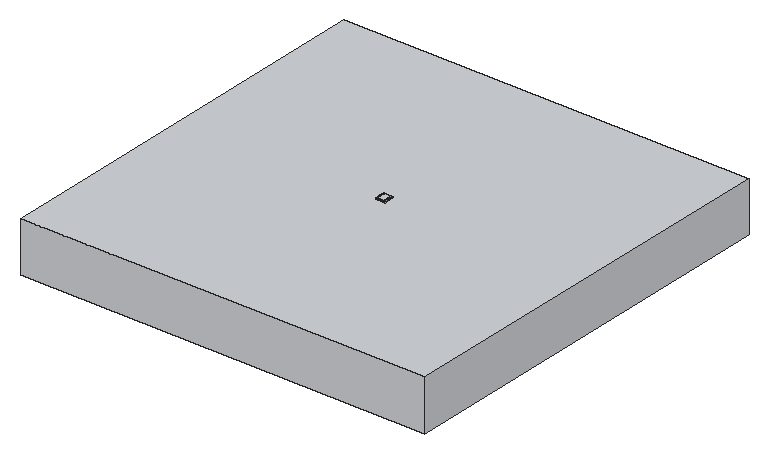
Revit family "Gira_510100", category Allgemeines Modell, Revit 2017
Family settings
  Basisbauteil = Fläche
  Kann Basisbauteil für Bewehrung sein = Nein
  Bemaßung runder Anschluss = Durchmesser verwenden
  Teiletyp = Normal
  Beim Laden mit Abzugskörper schneiden = Nein
  Gemeinsam genutzt = Nein
  Raumberechnungspunkt = Nein
Parameters (values of type "RF Tastsens.1f KNX")
  Werkstoffgüte = "sonstige"
  Werkstoff Text = "sonstige"
  Default Elevation = 1219.2 mm
  URL = "https://www.gira.de/"
  Typname = "RF Tastsens.1f KNX"
  Type Comments = ""
  Transparent = no
  Schutzart (IP) = "IP20"
  Produktseite = "https://media.stage.bim.site/t/eyJhbGciOiJIUzI1NiIsInR5cCI6IkpXVCJ9.eyJjdCI6MiwidHUiOiJodHRwOi8va2F0YWxvZy5naXJhLmRlL2RlX0RFL2RhdGVuYmxhdHQuaHRtbD9hcnRpa2VsbnI9NTEwMTAwIiwiY2lkIjoiMzI3N2NjMjMtODFhOS00ZWUzLWE5MGEtYjQ3YmI0YzBiNjE2IiwicmlkIjoiZjRhZmQ2Y2NjODgwZTE0MTI4NGNjZjU4OTg2MTE2MjEiLCJwaWQiOiJjMWJhZDg5Yzk4YTU0M2FjNjExYmU2NGEwM2YyNzg3N2JiOTA3MTc1Iiwic2lkIjoiNjM0NzAiLCJ1dCI6MSwibGMiOiJkZSIsImlhdCI6MTYwMDkyNTc1NCwiaXNzIjoiaHR0cHM6Ly9hcGkubGl2ZS5iaW0uc2l0ZSIsInN1YiI6ImFkbWluQGJpbXNpdGUuZGV2In0.Bbs_h3m5WfP1YVMqnSX7GIrXb9fcYENZ2GHnvtpZ2Mo"
  Oberfläche Text = "sonstige"
  Montageart = "Unterputz"
  Model = ""
  Mit Raumthermostat = no
  Mit LED-Anzeige = yes
  Mit Infrarotsensor = no
  Mit Display = no
  Mit Diebstahl-/Demontageschutz = no
  Mit Busankopplung = no
  Mit Beschriftungsfeld = no
  Kosten = 0
  Hersteller = "Gira"
  HeinzeBIM = "https://www.heinze.de/bim/rf-tastsens-1f-knx/c1bad89c98a543ac611be64a03f27877bb907175"
  HAN = "510100"
  GTIN = "4010337017240"
  Farbe = "sonstige"
  Datenblatt 1 = "https://media.stage.bim.site/t/eyJhbGciOiJIUzI1NiIsInR5cCI6IkpXVCJ9.eyJjdCI6MSwidGYiOiJwdWJsaWMvZ2lyYS9hZThjNTU3LzUxMDEwMC50eHQiLCJjaWQiOiIzMjc3Y2MyMy04MWE5LTRlZTMtYTkwYS1iNDdiYjRjMGI2MTYiLCJyaWQiOiJmNGFmZDZjY2M4ODBlMTQxMjg0Y2NmNTg5ODYxMTYyMSIsInBpZCI6ImMxYmFkODljOThhNTQzYWM2MTFiZTY0YTAzZjI3ODc3YmI5MDcxNzUiLCJzaWQiOiI2MzQ3MCIsInV0IjoxLCJsYyI6ImRlIiwiaWF0IjoxNjAwOTI1NzU0LCJpc3MiOiJodHRwczovL2FwaS5saXZlLmJpbS5zaXRlIiwic3ViIjoiYWRtaW5AYmltc2l0ZS5kZXYifQ.iVSW4jCazJcIl9b9iH_3UkSvMYHVsnG5hO6Fto7fVd4/510100.txt"
  Datenblatt = "https://media.stage.bim.site/t/eyJhbGciOiJIUzI1NiIsInR5cCI6IkpXVCJ9.eyJjdCI6MSwidHUiOiJodHRwczovL2thdGFsb2cuZ2lyYS5kZS9kZV9ERS9kb3dubG9hZC5odG1sP2FydGlrZWxucj01MTAxMDAiLCJjaWQiOiIzMjc3Y2MyMy04MWE5LTRlZTMtYTkwYS1iNDdiYjRjMGI2MTYiLCJyaWQiOiJmNGFmZDZjY2M4ODBlMTQxMjg0Y2NmNTg5ODYxMTYyMSIsInBpZCI6ImMxYmFkODljOThhNTQzYWM2MTFiZTY0YTAzZjI3ODc3YmI5MDcxNzUiLCJzaWQiOiI2MzQ3MCIsInV0IjoxLCJsYyI6ImRlIiwiaWF0IjoxNjAwOTI1NzU0LCJpc3MiOiJodHRwczovL2FwaS5saXZlLmJpbS5zaXRlIiwic3ViIjoiYWRtaW5AYmltc2l0ZS5kZXYifQ.sGhD2GWE8Ay626cEpX4WxlbT7zwMehBOw3e-znx92Tc"
  Bussystem Powernet = no
  Bussystem LON = no
  Bussystem KNX-Funk = yes
  Bussystem KNX = yes
  Bussystem Funkbus = no
  Beschreibung = "KNX RF Tastsensor 1fach System 55 Inbetriebnahme-Wippe Die KNX RF Tastsensoren senden bei Tastenbetätigung in Abhängigkeit der Parametereinstellung bei geladenem Applikationsprogramm drahtlos KNX Telegramme aus. Dies können bspw. Telegramme zum Schalten oder Tasten, zum Dimmen oder zur Jalousiesteuerung sein. Auch ist es möglich, Wertgeberfunktionen zu programmieren (Dimmwertgeber und Szenennebenstellen).  Merkmale:  Bestätigungsfunktion sowie Sende- und Statusanzeige über 2-farbige LED (rot grün) separat für jede Taste durch 2-stufige Anzeigefunktion.  Statusanzeige optional über separate 1-Bit-Status-Kommunikationsobjekte.  Sende- und Bestätigungsanzeige abschaltbar.  Auf Wänden kann der Tastsensor mittels Schrauben befestigt bzw. auf glatten oder transparenten Oberflächen mit einer Montageplatte aufgeklebt werden.  Projektierung, Inbetriebnahme und Parametrierung erfolgen über ETS (Version 5 oder neuer).  Batteriebetriebenes Gerät. Funktion Schalten\":  Wippen- oder Tastenfunktion.  Befehl beim Drücken und beim Loslassen parametrierbar (EIN, AUS, UM, keine Reaktion). Funktion \"Dimmen\":  Wippenfunktion.  Befehl beim Drücken der Wippe (rechte und linke Taste) parametrierbar (heller - EIN, dunkler - AUS). Funktion \"Jalousie\":  Wippenfunktion.  Befehl beim Drücken der Wippe (rechte und linke Taste) parametrierbar (AUF, AB, UM).  Zeit zwischen Kurz- und Langzeitbefehl parametrierbar. Funktionen \"Wertgeber\" und \"Szenennebenstelle\":  Wippenfunktion.  Befehl beim Drücken der Wippe (rechte und linke Taste) parametrierbar (Werte 0 bis 255, 0 bis 100% oder Szenennummer).  Bei Szenennebenstelle: Speicherfunktion möglich.  Hinweise :  Batterien sind Verbrauchsgüter und müssen regelmäßig ersetzt werden. Bitte beachten Sie die Vorschriften zur Entsorgung von gebrauchten Batterien.  Der Tastsensor wird mit einer programmneutralen Inbetriebnahme-Wippe geliefert. Das passende Wippenset zum Schalterprogramm ist separat zu bestellen.  Bei Verwendung von Wippensets und oder Abdeckrahmen kann es zu Reichweiteneinbußen kommen.\""
  Assembly Code = ""
  Keynote = ""
  BIMSITE_PRODUCT_ID = "c1bad89c98a543ac611be64a03f27877bb907175"
  BIM = "https://media.stage.bim.site/t/eyJhbGciOiJIUzI1NiIsInR5cCI6IkpXVCJ9.eyJjdCI6MSwidGYiOiJwdWJsaWMvZ2lyYS9hZThjNTU3L1NZUzU1X1Rhc3RzZW5zb3IucmZhIiwiY2lkIjoiMzI3N2NjMjMtODFhOS00ZWUzLWE5MGEtYjQ3YmI0YzBiNjE2IiwicmlkIjoiZjRhZmQ2Y2NjODgwZTE0MTI4NGNjZjU4OTg2MTE2MjEiLCJwaWQiOiJjMWJhZDg5Yzk4YTU0M2FjNjExYmU2NGEwM2YyNzg3N2JiOTA3MTc1Iiwic2lkIjoiNjM0NzAiLCJ1dCI6NSwibGMiOiJkZSIsImlhdCI6MTYwMDkyNTc1NCwiaXNzIjoiaHR0cHM6Ly9hcGkubGl2ZS5iaW0uc2l0ZSIsInN1YiI6ImFkbWluQGJpbXNpdGUuZGV2In0.jOHMliCIuY8vDORULTQm8xQJfsaHBnDiJq8RYMvLfHk/SYS55_Tastsensor.rfa"
  Ausführung der Oberfläche = "nicht zutreffend"
  Anzahl der Tasten = 1
  Anzahl der Betätigungspunkte = 1
  Andere Bussysteme = "ohne"
Reference planes
  plane 1 "Center (Front/Back)": y = 0
  plane 2: z = 0
  plane 3 "Center (Left/Right)": x = 0
Forms (mm)
  Extrusion 1, solid
    sketch origin (0, 0, 0) x (1, 0, 0) y (0, 1, 0)
      loop
        line (-1219.2, 1219.2) -> (-1219.2, -1219.2) -> (1219.2, -1219.2) -> (1219.2, 1219.2) -> (-1219.2, 1219.2)
    from 0 to -304.8
  Extrusion 2, solid, detail levels fine
    sketch origin (0, 0, 0) x (1, 0, 0) y (0, 1, 0)
      loop
        line (-6.6, -21.3) -> (-6.6, -16) -> (6.6, -16) -> (6.6, -21.3) -> (7.4, -21.3) -> (7.4, -15.2) -> (-7.4, -15.2) -> (-7.4, -21.3) -> (-6.6, -21.3)
    from -9.5 to -1.5
  Extrusion 3, solid, detail levels fine
    sketch origin (0, 0, 0) x (1, 0, 0) y (0, 1, 0)
      loop
        circle (-5.08, -17.5) r 0.5
      loop
        circle (-2.54, -17.48) r 0.5
      loop
        circle (0, -17.5) r 0.5
      loop
        circle (2.54, -17.48) r 0.5
      loop
        circle (5.08, -17.5) r 0.5
      loop
        circle (5.08, -20.04) r 0.5
      loop
        circle (2.54, -20.02) r 0.5
      loop
        circle (0, -20.04) r 0.5
      loop
        circle (-2.54, -20.02) r 0.5
      loop
        circle (-5.08, -20.04) r 0.5
    from -8.48 to -1.5
  Extrusion 4, solid, detail levels fine
    sketch origin (0, 0, 0) x (1, 0, 0) y (0, 1, 0)
      loop
        arc (-23.95, -19.15) -> (-22.544, -22.544) -> (-19.15, -23.95) r 4.8
        line (-19.15, -23.95) -> (19.15, -23.95)
        arc (19.15, -23.95) -> (22.544, -22.544) -> (23.95, -19.15) r 4.8
        line (23.95, -19.15) -> (23.95, 19.15)
        arc (23.95, 19.15) -> (22.544, 22.544) -> (19.15, 23.95) r 4.8
        line (19.15, 23.95) -> (-19.15, 23.95)
        arc (-19.15, 23.95) -> (-22.544, 22.544) -> (-23.95, 19.15) r 4.8
        line (-23.95, 19.15) -> (-23.95, -19.15)
    from -1.5 to 0.5
  Extrusion 5, solid, detail levels fine
    sketch origin (0, 0, 0) x (1, 0, 0) y (0, 1, 0)
      loop
        line (27.6, -27.7) -> (27.6, -26.6) -> (26.1, -26.6) -> (26.1, -10.4) -> (27.45, -10.4) -> (27.45, -8.1) -> (26.1, -8.1) -> (26.1, 8.1) -> (27.45, 8.1) -> (27.45, 10.4) -> (26.1, 10.4) -> (26.1, 26.6) -> (27.6, 26.6) -> (27.6, 27.7) -> (-27.6, 27.7) -> (-27.6, 26.6) -> (-26.1, 26.6) -> (-26.1, 10.4) -> (-27.45, 10.4) -> (-27.45, 8.1) -> (-26.1, 8.1) -> (-26.1, -8.1) -> (-27.45, -8.1) -> (-27.45, -10.4) -> (-26.1, -10.4) -> (-26.1, -26.6) -> (-27.6, -26.6) -> (-27.6, -27.7) -> (27.6, -27.7)
    from 0 to 5.44
  Extrusion 6, solid, detail levels fine
    sketch origin (0, 0, 0) x (0, 1, 0) y (0, 0, 1)
      loop
        arc (15.5, 5.92) -> (15.146, 5.774) -> (15, 5.42) r 0.5
        line (15, 5.42) -> (15, 3.62)
        arc (15, 3.62) -> (15.146, 3.267) -> (15.5, 3.12) r 0.5
        line (15.5, 3.12) -> (21.5, 3.12)
        arc (21.5, 3.12) -> (21.854, 3.267) -> (22, 3.62) r 0.5
        line (22, 3.62) -> (22, 5.42)
        arc (22, 5.42) -> (21.854, 5.774) -> (21.5, 5.92) r 0.5
        line (21.5, 5.92) -> (15.5, 5.92)
      loop
        line (11.4, 1.3) -> (25.6, 1.3)
        arc (25.6, 1.3) -> (25.954, 1.446) -> (26.1, 1.8) r 0.5
        line (26.1, 1.8) -> (26.1, 5.7) -> (27.65, 5.7) -> (27.635, 7.4) -> (-27.635, 7.4) -> (-27.65, 5.7) -> (-26.1, 5.7) -> (-26.1, 1.8)
        arc (-26.1, 1.8) -> (-25.954, 1.446) -> (-25.6, 1.3) r 0.5
        line (-25.6, 1.3) -> (-11.4, 1.3)
        arc (-11.4, 1.3) -> (-11.046, 1.446) -> (-10.9, 1.8) r 0.5
        line (-10.9, 1.8) -> (-10.9, 5.7) -> (-8.05, 5.7) -> (-8.05, 1.8)
        arc (-8.05, 1.8) -> (-7.904, 1.446) -> (-7.55, 1.3) r 0.5
        line (-7.55, 1.3) -> (7.55, 1.3)
        arc (7.55, 1.3) -> (7.904, 1.446) -> (8.05, 1.8) r 0.5
        line (8.05, 1.8) -> (8.05, 5.7) -> (10.9, 5.7) -> (10.9, 1.8)
        arc (10.9, 1.8) -> (11.046, 1.446) -> (11.4, 1.3) r 0.5
      loop
        line (3, 5.92) -> (-3, 5.92)
        arc (-3, 5.92) -> (-3.354, 5.774) -> (-3.5, 5.42) r 0.5
        line (-3.5, 5.42) -> (-3.5, 3.62)
        arc (-3.5, 3.62) -> (-3.354, 3.267) -> (-3, 3.12) r 0.5
        line (-3, 3.12) -> (3, 3.12)
        arc (3, 3.12) -> (3.354, 3.267) -> (3.5, 3.62) r 0.5
        line (3.5, 3.62) -> (3.5, 5.42)
        arc (3.5, 5.42) -> (3.354, 5.774) -> (3, 5.92) r 0.5
      loop
        arc (-15.5, 3.12) -> (-15.146, 3.267) -> (-15, 3.62) r 0.5
        line (-15, 3.62) -> (-15, 5.42)
        arc (-15, 5.42) -> (-15.146, 5.774) -> (-15.5, 5.92) r 0.5
        line (-15.5, 5.92) -> (-21.5, 5.92)
        arc (-21.5, 5.92) -> (-21.854, 5.774) -> (-22, 5.42) r 0.5
        line (-22, 5.42) -> (-22, 3.62)
        arc (-22, 3.62) -> (-21.854, 3.267) -> (-21.5, 3.12) r 0.5
        line (-21.5, 3.12) -> (-15.5, 3.12)
    from -27.45 to -25
  Extrusion 7, solid, detail levels fine
    sketch origin (0, 0, 0) x (0, 1, 0) y (0, 0, -1)
      loop
        line (15.5, -5.92) -> (21.5, -5.92)
        arc (21.5, -5.92) -> (21.854, -5.774) -> (22, -5.42) r 0.5
        line (22, -5.42) -> (22, -3.62)
        arc (22, -3.62) -> (21.854, -3.267) -> (21.5, -3.12) r 0.5
        line (21.5, -3.12) -> (15.5, -3.12)
        arc (15.5, -3.12) -> (15.146, -3.267) -> (15, -3.62) r 0.5
        line (15, -3.62) -> (15, -5.42)
        arc (15, -5.42) -> (15.146, -5.774) -> (15.5, -5.92) r 0.5
      loop
        arc (11.4, -1.3) -> (11.046, -1.446) -> (10.9, -1.8) r 0.5
        line (10.9, -1.8) -> (10.9, -5.7) -> (8.05, -5.7) -> (8.05, -1.8)
        arc (8.05, -1.8) -> (7.904, -1.446) -> (7.55, -1.3) r 0.5
        line (7.55, -1.3) -> (-7.55, -1.3)
        arc (-7.55, -1.3) -> (-7.904, -1.446) -> (-8.05, -1.8) r 0.5
        line (-8.05, -1.8) -> (-8.05, -5.7) -> (-10.9, -5.7) -> (-10.9, -1.8)
        arc (-10.9, -1.8) -> (-11.046, -1.446) -> (-11.4, -1.3) r 0.5
        line (-11.4, -1.3) -> (-25.6, -1.3)
        arc (-25.6, -1.3) -> (-25.954, -1.446) -> (-26.1, -1.8) r 0.5
        line (-26.1, -1.8) -> (-26.1, -5.7) -> (-27.65, -5.7) -> (-27.635, -7.4) -> (27.635, -7.4) -> (27.65, -5.7) -> (26.1, -5.7) -> (26.1, -1.8)
        arc (26.1, -1.8) -> (25.954, -1.446) -> (25.6, -1.3) r 0.5
        line (25.6, -1.3) -> (11.4, -1.3)
      loop
        arc (3, -5.92) -> (3.354, -5.774) -> (3.5, -5.42) r 0.5
        line (3.5, -5.42) -> (3.5, -3.62)
        arc (3.5, -3.62) -> (3.354, -3.267) -> (3, -3.12) r 0.5
        line (3, -3.12) -> (-3, -3.12)
        arc (-3, -3.12) -> (-3.354, -3.267) -> (-3.5, -3.62) r 0.5
        line (-3.5, -3.62) -> (-3.5, -5.42)
        arc (-3.5, -5.42) -> (-3.354, -5.774) -> (-3, -5.92) r 0.5
        line (-3, -5.92) -> (3, -5.92)
      loop
        line (-15.5, -3.12) -> (-21.5, -3.12)
        arc (-21.5, -3.12) -> (-21.854, -3.267) -> (-22, -3.62) r 0.5
        line (-22, -3.62) -> (-22, -5.42)
        arc (-22, -5.42) -> (-21.854, -5.774) -> (-21.5, -5.92) r 0.5
        line (-21.5, -5.92) -> (-15.5, -5.92)
        arc (-15.5, -5.92) -> (-15.146, -5.774) -> (-15, -5.42) r 0.5
        line (-15, -5.42) -> (-15, -3.62)
        arc (-15, -3.62) -> (-15.146, -3.267) -> (-15.5, -3.12) r 0.5
    from -27.45 to -25
  Extrusion 8, solid, detail levels fine
    sketch origin (-82.195, -64.588, 0) x (1, 0, 0) y (0, 1, 0)
      loop
        line (54.545, 36.952) -> (109.845, 36.952) -> (109.845, 92.223) -> (54.545, 92.223) -> (54.545, 36.952)
    from 6.703 to 8.9
  Extrusion 9, solid, detail levels fine
    sketch origin (0, 0, 0) x (1, 0, 0) y (0, 1, 0)
      loop
        line (-19.2, 27) -> (-19.2, -27) -> (19.2, -27) -> (19.2, 27) -> (-19.2, 27)
    from 5.44 to 8
  Extrusion 10, solid, detail levels fine
    sketch origin (0, 0, 0) x (1, 0, 0) y (0, 1, 0)
      loop
        circle (-23.85, 0) r 1.269
      loop
        circle (23.85, 0) r 1.269
    from 6.703 to 9.6
  Extrusion 11, solid, detail levels medium
    sketch origin (0, 0, 0) x (1, 0, 0) y (0, 1, 0)
      loop
        line (27.65, 27.7) -> (-27.65, 27.7) -> (-27.65, -27.7) -> (27.65, -27.7) -> (27.65, 27.7)
    from 0 to 9.6
  Extrusion 12, solid, detail levels medium
    sketch origin (0, 0, 0) x (1, 0, 0) y (0, 1, 0)
      loop
        line (-23.95, -23.95) -> (23.95, -23.95) -> (23.95, 23.95) -> (-23.95, 23.95) -> (-23.95, -23.95)
    from -1.5 to 0.5
  Extrusion 13, solid, detail levels medium
    sketch origin (0, 0, 0) x (1, 0, 0) y (0, 1, 0)
      loop
        line (-7.4, -21.3) -> (7.4, -21.3) -> (7.4, -15.2) -> (-7.4, -15.2) -> (-7.4, -21.3)
    from -9.5 to -1.5
  Extrusion 14, solid, detail levels coarse
    sketch origin (0, 0, 0) x (1, 0, 0) y (0, 1, 0)
      loop
        line (27.65, 27.7) -> (-27.65, 27.7) -> (-27.65, -27.7) -> (27.65, -27.7) -> (27.65, 27.7)
    from -9.5 to 9.6
Dimensions and locks
  aligned and locked: plane 2 to Extrusion 1
  aligned and locked: level to Extrusion 1
Connectors
  electrical at (0, 0, -9.5)
    settings: on Extrusion 14, index 1, voltage 220 V, apparent load 0 VA, apparent load phase1 0 VA, apparent load phase2 0 VA, apparent load phase3 0 VA, power factor 1, load classification "Other", number of poles 1, system type 30, power factor state 1, is connector primary yes, connector utility no, sub classification motor no, connector description ""
